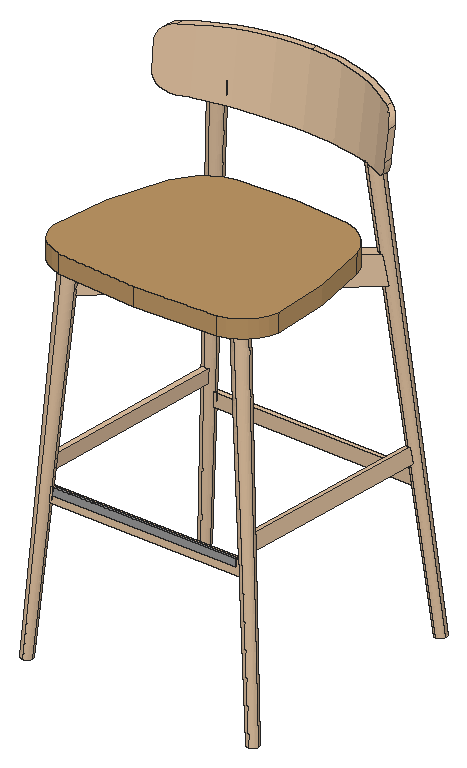
Revit family "FU_Stool_Sandler_Fly 4-1", category Furniture, Revit 2020
Family settings
  OmniClass Number = 23.40.20.00
  OmniClass Title = General Furniture and Specialties
  Work Plane-Based = No
  Always vertical = Yes
  Cut with Voids When Loaded = No
  Shared = No
  Room Calculation Point = No
Parameters (values of type "Fly 4.1")
  Width = 540 mm
  Upholstery = Fabric - Gravity - Sunni CPC20
  URL = "https://www.sandlerseating.com/product/fly-4-1/"
  Model = "Fly 4.1"
  Manufacturer = "Sandler"
  Height = 1080 mm
  Frame = Wood - Beech - Cherry Wood - V
  Description = "Counter Stool with a solid beech back and frame with an upholstered seat, fitted with a stainless steel kick-plate on the front footrest.\r\n\r\nProduced to custom height per customer specification, from 23.5”-29” seat height"
  Depth = 535 mm
  Default Elevation = 0 mm
Reference planes
  plane 1 "Center (Front/Back)": y = 0
  plane 2: z = 0
  plane 3 "Center (Left/Right)": x = 0
  plane 4 "Right": x = -270
  plane 5 "Left": x = 270
  plane 6 "Back": y = 267.5
  plane 7 "Front": y = -267.5
  plane 8 "Height": z = 1080
  plane 9 "Seat height": z = 770
  plane 10 "FL Angle RIGHT": through (4267.2, -247.189, 3.106) normal (0, -0.9986, 0.0523)
  plane 11 "BL Angle RIGHT": through (4267.2, 253.813, 6.762) normal (0, -0.9968, -0.0796)
  plane 12 "RBL Anglr FRONT": through (-257.943, -1524, 6.867) normal (-0.996, 0, 0.0898)
  plane 13: through (188.37, -1524, 783.473) normal (0.9971, 0, 0.0759)
  plane 14 "cross Angle RIGHT": through (4267.2, -181.288, 717.026) normal (0, 0.0523, 0.9986)
Forms (mm)
  Sweep 1, solid, material "Wood - Beech - Cherry Wood - V" <- "Frame"
    path origin (0, 0, 0) x (0, 1, 0) y (0, 0, 1)
      loop
        line (211.483, 893.134) -> (239.318, 1091.187)
    profile "Pro_Fly_back : Pro_Fly_back" origin (0, 225.4, 992.16) x (0, -0.990268, 0.139173) y (1, 0, 0)
      loop
        arc (114.642, 268.951) -> (-0.066, 0) -> (114.626, -268.958) r 372.681
        line (114.626, -268.958) -> (123.106, -260.478)
        arc (123.106, -260.478) -> (11.944, 0.039) -> (122.986, 260.608) r 361.047
        line (122.986, 260.608) -> (114.642, 268.951)
  Extrusion 2, void
    sketch origin (0, 0, 0) x (1, 0, 0) y (0, 0, 1)
      loop
        arc (0, 1075.598) -> (-115.054, 1076.734) -> (-230.061, 1080.196) r 5691.244
        arc (-230.061, 1080.196) -> (-248.857, 1073.596) -> (-258.008, 1055.902) r 26.995
        line (-258.008, 1055.902) -> (-255.802, 992.734)
        arc (-255.802, 992.734) -> (-246.214, 965.659) -> (-222.831, 948.98) r 47.759
        arc (-222.831, 948.98) -> (-112.201, 929.22) -> (0, 922.883) r 934.559
        arc (0, 922.883) -> (112.201, 929.22) -> (222.831, 948.98) r 934.559
        arc (222.831, 948.98) -> (246.214, 965.659) -> (255.802, 992.734) r 47.759
        line (255.802, 992.734) -> (258.008, 1055.902)
        arc (258.008, 1055.902) -> (248.857, 1073.596) -> (230.061, 1080.196) r 26.995
        arc (230.061, 1080.196) -> (115.054, 1076.734) -> (0, 1075.598) r 5691.244
      loop
        line (-290.391, 1143.375) -> (-290.391, 868.375) -> (294.609, 868.375) -> (294.609, 1143.375) -> (-290.391, 1143.375)
    from -267.5 to -69.622
  SweptBlend 3, solid, material "Wood - Beech - Cherry Wood - V" <- "Frame"
    path origin (0, -246.675, 12.928) x (0, -0.052336, -0.99863) y (1, 0, 0)
      loop
        line (21.674, 248.655) -> (-776.014, 187.881)
    profile "Pro_Circles : 24mm" origin (248.655, -247.809, -8.717) x (-0.99711, -0.003976, -0.075863) y (0, -0.99863, 0.052336)
      loop
        arc (-11.967, 0.067) -> (-8.529, -8.434) -> (-0.067, -11.967) r 11.901
        arc (-0.067, -11.967) -> (8.482, -8.482) -> (11.967, 0.067) r 11.901
        arc (11.967, 0.067) -> (8.434, 8.529) -> (-0.067, 11.967) r 11.901
        arc (-0.067, 11.967) -> (-8.481, 8.481) -> (-11.967, 0.067) r 11.9
    end profile "Pro_Circles : 36mm" origin (187.881, -206.061, 787.878) x (-0.99711, -0.003976, -0.075863) y (0, -0.99863, 0.052336)
      loop
        arc (-17.967, 0.067) -> (-12.771, -12.677) -> (-0.066, -17.967) r 17.901
        arc (-0.066, -17.967) -> (12.725, -12.725) -> (17.967, 0.067) r 17.901
        arc (17.967, 0.067) -> (12.677, 12.771) -> (-0.067, 17.967) r 17.9
        arc (-0.067, 17.967) -> (-12.724, 12.724) -> (-17.967, 0.067) r 17.9
  SweptBlend 4, solid, material "Wood - Beech - Cherry Wood - V" <- "Frame"
    path origin (0, 252.742, 20.172) x (0, 0.079561, -0.99683) y (1, 0, 0)
      loop
        line (29.008, -259.49) -> (-1016.727, -164.946)
    profile "Pro_Circles : 24mm" origin (-259.49, 255.05, -8.743) x (-0.995938, -0.007164, 0.089757) y (0, -0.99683, -0.079561)
      loop
        arc (-11.967, 0.067) -> (-8.529, -8.434) -> (-0.067, -11.967) r 11.901
        arc (-0.067, -11.967) -> (8.482, -8.482) -> (11.967, 0.067) r 11.901
        arc (11.967, 0.067) -> (8.434, 8.529) -> (-0.067, 11.967) r 11.901
        arc (-0.067, 11.967) -> (-8.481, 8.481) -> (-11.967, 0.067) r 11.9
    end profile "Pro_Circles : 36mm" origin (-164.946, 171.85, 1033.677) x (-0.995938, -0.007164, 0.089757) y (0, -0.99683, -0.079561)
      loop
        arc (-17.967, 0.067) -> (-12.771, -12.677) -> (-0.066, -17.967) r 17.901
        arc (-0.066, -17.967) -> (12.725, -12.725) -> (17.967, 0.067) r 17.901
        arc (17.967, 0.067) -> (12.677, 12.771) -> (-0.067, 17.967) r 17.9
        arc (-0.067, 17.967) -> (-12.724, 12.724) -> (-17.967, 0.067) r 17.9
  Sweep 5, void
    path origin (0, 0, 0) x (0, 1, 0) y (0, 0, 1)
      loop
        line (216.668, 929.556) -> (237.194, 1075.598)
    profile "Pro_Fly_back_void : Pro_Fly_back_void" origin (0, 226.931, 1002.577) x (0, -0.990267, 0.13918) y (1, 0, 0)
      loop
        line (60.774, -126.387) -> (32.441, -137.87)
        arc (32.441, -137.87) -> (46.411, -168.621) -> (63.108, -197.982) r 372.681
        line (63.108, -197.982) -> (92.912, -185.903)
        arc (92.912, -185.903) -> (78.429, -155.289) -> (60.774, -126.387) r 318.098
  SweptBlend 6, solid, material "Wood - Beech - Cherry Wood - V" <- "Frame"
    path origin (0, -246.675, 12.928) x (0, -0.052336, -0.99863) y (-1, 0, 0)
      loop
        line (16.689, 248.275) -> (-776.014, 187.881)
    profile "Pro_Circles : 24mm" origin (-248.275, -247.548, -3.738) x (-0.99711, 0.003976, 0.075863) y (0, -0.99863, 0.052336)
      loop
        arc (11.967, 0.067) -> (8.481, 8.481) -> (0.067, 11.967) r 11.9
        arc (0.067, 11.967) -> (-8.434, 8.529) -> (-11.967, 0.067) r 11.901
        arc (-11.967, 0.067) -> (-8.482, -8.482) -> (0.067, -11.967) r 11.901
        arc (0.067, -11.967) -> (8.529, -8.434) -> (11.967, 0.067) r 11.901
    end profile "Pro_Circles : 36mm" origin (-187.881, -206.061, 787.878) x (-0.99711, 0.003976, 0.075863) y (0, -0.99863, 0.052336)
      loop
        arc (17.967, 0.067) -> (12.724, 12.724) -> (0.067, 17.967) r 17.9
        arc (0.067, 17.967) -> (-12.677, 12.771) -> (-17.967, 0.067) r 17.9
        arc (-17.967, 0.067) -> (-12.725, -12.725) -> (0.066, -17.967) r 17.901
        arc (0.066, -17.967) -> (12.771, -12.677) -> (17.967, 0.067) r 17.901
  SweptBlend 7, solid, material "Wood - Beech - Cherry Wood - V" <- "Frame"
    path origin (0, 252.742, 20.172) x (0, 0.079561, -0.99683) y (-1, 0, 0)
      loop
        line (25.974, -259.216) -> (-1016.727, -164.946)
    profile "Pro_Circles : 24mm" origin (259.216, 254.809, -5.719) x (-0.995938, 0.007164, -0.089757) y (0, -0.99683, -0.079561)
      loop
        arc (11.967, 0.067) -> (8.481, 8.481) -> (0.067, 11.967) r 11.9
        arc (0.067, 11.967) -> (-8.434, 8.529) -> (-11.967, 0.067) r 11.901
        arc (-11.967, 0.067) -> (-8.482, -8.482) -> (0.067, -11.967) r 11.901
        arc (0.067, -11.967) -> (8.529, -8.434) -> (11.967, 0.067) r 11.901
    end profile "Pro_Circles : 36mm" origin (164.946, 171.85, 1033.677) x (-0.995938, 0.007164, -0.089757) y (0, -0.99683, -0.079561)
      loop
        arc (17.967, 0.067) -> (12.724, 12.724) -> (0.067, 17.967) r 17.9
        arc (0.067, 17.967) -> (-12.677, 12.771) -> (-17.967, 0.067) r 17.9
        arc (-17.967, 0.067) -> (-12.725, -12.725) -> (0.066, -17.967) r 17.901
        arc (0.066, -17.967) -> (12.771, -12.677) -> (17.967, 0.067) r 17.901
  Sweep 8, void
    path origin (0, 0, 0) x (0, 1, 0) y (0, 0, -1)
      loop
        line (216.689, -929.705) -> (237.226, -1075.821)
    profile "Pro_Fly_back_void : Pro_Fly_back_void" origin (0, 226.957, 1002.763) x (0, 0.990267, -0.13918) y (-1, 0, 0)
      loop
        arc (-60.774, -126.387) -> (-78.429, -155.289) -> (-92.912, -185.903) r 318.098
        line (-92.912, -185.903) -> (-63.108, -197.982)
        arc (-63.108, -197.982) -> (-46.411, -168.621) -> (-32.441, -137.87) r 372.681
        line (-32.441, -137.87) -> (-60.774, -126.387)
  Extrusion 9, solid, material "Fabric - Gravity - Sunni CPC20" <- "Upholstery"
    sketch origin (0, 0, 0) x (0, 1, 0) y (0, 0, 1)
      loop
        line (-267.5, 822.529) -> (-267.5, 783.229) -> (182.377, 759.652) -> (184.431, 798.844) -> (-267.5, 822.529)
    from -250 to 249.991
  Extrusion 10, void
    sketch origin (0, 0, 770) x (-1, 0, 0) y (0, -1, 0)
      loop
        arc (0, -178.748) -> (60.575, -176.673) -> (120.849, -170.298) r 852.253
        arc (120.849, -170.298) -> (173.465, -141.124) -> (206.238, -90.671) r 124.4
        arc (206.238, -90.671) -> (237.157, 40.73) -> (246.922, 175.366) r 851.531
        arc (246.922, 175.366) -> (223.067, 226.234) -> (173.988, 253.578) r 91.518
        arc (173.988, 253.578) -> (87.193, 262.298) -> (0, 264.916) r 1244.223
        arc (0, 264.916) -> (-87.193, 262.298) -> (-173.988, 253.578) r 1244.223
        arc (-173.988, 253.578) -> (-223.067, 226.234) -> (-246.922, 175.366) r 91.518
        arc (-246.922, 175.366) -> (-237.157, 40.73) -> (-206.238, -90.671) r 851.531
        arc (-206.238, -90.671) -> (-173.465, -141.124) -> (-120.849, -170.298) r 124.4
        arc (-120.849, -170.298) -> (-60.575, -176.673) -> (0, -178.748) r 852.253
      loop
        line (270, -204.479) -> (270, 280.303) -> (-270, 280.303) -> (-270, -204.479) -> (270, -204.479)
    from -20.025 to 60.141
  Extrusion 11, solid, material "Wood - Beech - Cherry Wood - V" <- "Frame"
    sketch origin (0, 36.978, 705.587) x (0, -0.99863, 0.052336) y (1, 0, 0)
      loop
        line (-148.348, -202.724) -> (45.533, -15.495) -> (239.755, -203.053) -> (257.433, -185.375) -> (61.025, 0) -> (257.433, 185.375) -> (239.755, 203.053) -> (45.533, 15.495) -> (-148.348, 202.724) -> (-167.547, 183.525) -> (29.488, 0) -> (-167.547, -183.525) -> (-148.348, -202.724)
    from 0 to 61.601
  Extrusion 12, solid, material "Wood - Beech - Cherry Wood - V" <- "Frame"
    sketch origin (0, 0, 0) x (0, 1, 0) y (0, 0, 1)
      loop
        line (-234.387, 343.413) -> (-236.032, 312.027) -> (-226.12, 311.507) -> (-224.476, 342.893) -> (-234.387, 343.413)
    from -222 to 222
  Extrusion 13, solid, material "Wood - Beech - Cherry Wood - V" <- "Frame"
    sketch origin (0, 499.524, 14.094) x (0, 0.991908, 0.126955) y (0, -0.126955, 0.991908)
      loop
        line (-234.387, 343.413) -> (-236.032, 312.027) -> (-226.12, 311.507) -> (-224.476, 342.893) -> (-234.387, 343.413)
    from -222 to 222
  Extrusion 14, solid, material "Wood - Beech - Cherry Wood - V" <- "Frame"
    sketch origin (47.084, 0, -23.555) x (0, 1, 0) y (-0.118313, 0, 0.992976)
      loop
        line (-229.696, 394.438) -> (-230.992, 361.961) -> (229.83, 343.558) -> (231.127, 376.034) -> (-229.696, 394.438)
    from 216 to 226
  Extrusion 15, solid, material "Wood - Beech - Cherry Wood - V" <- "Frame"
    sketch origin (-47.084, 0, -23.555) x (0, 1, 0) y (-0.118313, 0, -0.992976)
      loop
        line (-229.696, -394.438) -> (231.127, -376.034) -> (229.83, -343.558) -> (-230.992, -361.961) -> (-229.696, -394.438)
    from 216 to 226
  Extrusion 16, void
    sketch origin (0, 0, 0) x (1, 0, 0) y (0, 1, 0)
      loop
        line (-270, -267.5) -> (-222, -267.5) -> (-222, -224.476) -> (-270, -224.476) -> (-270, -267.5)
    from 0 to -20
  Extrusion 17, void
    sketch origin (0, 0, 0) x (-1, 0, 0) y (0, -1, 0)
      loop
        line (-270, 267.5) -> (-270, 224.476) -> (-222, 224.476) -> (-222, 267.5) -> (-270, 267.5)
    from 0 to -20
  Extrusion 18, void
    sketch origin (0, 0, 0) x (1, 0, 0) y (0, 1, 0)
      loop
        line (-279.763, 276.51) -> (-279.763, 231.51) -> (-234.763, 231.51) -> (-234.763, 276.51) -> (-279.763, 276.51)
    from 0 to -20
  Extrusion 19, void
    sketch origin (0, 0, 0) x (-1, 0, 0) y (0, -1, 0)
      loop
        line (-279.763, -276.51) -> (-234.763, -276.51) -> (-234.763, -231.51) -> (-279.763, -231.51) -> (-279.763, -276.51)
    from 0 to -20
  Extrusion 20, solid, material "Stainless Steel AISI 304"
    sketch origin (0, 0, 0) x (0, 1, 0) y (0, 0, 1)
      loop
        line (-234.7, 343.725) -> (-235.537, 327.747) -> (-234.491, 327.747) -> (-233.706, 342.727) -> (-229.797, 342.522) -> (-229.797, 343.468) -> (-234.7, 343.725)
    from -200 to 200
Cuts and joins
  Extrusion 2 cuts Sweep 1
  Sweep 5, Extrusion 18 cuts SweptBlend 4
  Sweep 8, Extrusion 19 cuts SweptBlend 7
  Extrusion 10 cuts Extrusion 9
  Extrusion 16, Extrusion 17 cuts SweptBlend 6
  Extrusion 17 cuts SweptBlend 3
Dimensions and locks
  equal spacing: plane 4 "Right", plane 3 "Center (Left/Right)", plane 5 "Left"
  "Width": plane 4 "Right" to plane 5 "Left"
  equal spacing: plane 6 "Back", plane 1 "Center (Front/Back)", plane 7 "Front"
  "Depth": plane 6 "Back" to plane 7 "Front"
  "Height": plane 8 "Height" to level
  plane 9 "Seat height" to level = 770 mm
  aligned and locked: level to plane 2
Automatic sketch dimensions
  Sweep 1 sketch curve to plane 6 "Back" = 56.017 mm
  plane 9 "Seat height" to Sweep 1 sketch curve = 123.134 mm
  plane 8 "Height" to Sweep 1 sketch curve = 11.187 mm
  Sweep 1 sketch curve to plane 6 "Back" = 28.182 mm
  Extrusion 2 sketch curve to plane 3 "Center (Left/Right)" = 0 mm  (x2)
  Extrusion 2 sketch curve to plane 3 "Center (Left/Right)" = 1.33 mm
  Extrusion 2 sketch curve to plane 3 "Center (Left/Right)" = 3.495 mm
  Extrusion 2 sketch curve to plane 4 "Right" = 61.927 mm
  Extrusion 2 sketch curve to plane 4 "Right" = 38.854 mm
  Extrusion 2 sketch curve to plane 4 "Right" = 14.198 mm
  Extrusion 2 sketch curve to plane 4 "Right" = 11.992 mm
  plane 4 "Right" to Extrusion 2 sketch curve = 20.391 mm
  plane 3 "Center (Left/Right)" to Extrusion 2 sketch curve = 1.33 mm
  plane 3 "Center (Left/Right)" to Extrusion 2 sketch curve = 3.495 mm
  plane 5 "Left" to Extrusion 2 sketch curve = 61.927 mm
  plane 5 "Left" to Extrusion 2 sketch curve = 38.854 mm
  plane 5 "Left" to Extrusion 2 sketch curve = 14.198 mm
  plane 5 "Left" to Extrusion 2 sketch curve = 11.992 mm
  Extrusion 2 sketch curve to plane 5 "Left" = 24.609 mm
  plane 9 "Seat height" to Extrusion 2 sketch curve = 98.375 mm
  Extrusion 2 sketch curve to plane 8 "Height" = 87.266 mm  (x2)
  Extrusion 2 sketch curve to Extrusion 2 sketch curve = 1.667 mm  (x2)
  Extrusion 2 sketch curve to plane 8 "Height" = 26.777 mm  (x2)
  Extrusion 2 sketch curve to plane 8 "Height" = 24.098 mm  (x2)
  plane 8 "Height" to Extrusion 2 sketch curve = 63.375 mm
  Extrusion 2 sketch curve to Extrusion 2 sketch curve = 714.061 mm
  Extrusion 2 sketch curve to Extrusion 2 sketch curve = 0 mm  (x3)
  Extrusion 2 sketch curve to Extrusion 2 sketch curve = 4909.406 mm
  Extrusion 2 sketch curve to plane 4 "Right" = 47.169 mm
  plane 14 "cross Angle RIGHT" to SweptBlend 3 sketch curve = 69.458 mm
  plane 5 "Left" to SweptBlend 3 sketch curve = 82.119 mm
  plane 5 "Left" to SweptBlend 3 sketch curve = 21.345 mm
  SweptBlend 3 sketch curve to plane 14 "cross Angle RIGHT" = 728.23 mm
  SweptBlend 4 sketch curve to plane 4 "Right" = 105.054 mm
  SweptBlend 4 sketch curve to plane 4 "Right" = 10.51 mm
  SweptBlend 4 sketch curve to SweptBlend 4 sketch curve = 1045.735 mm
  Sweep 5 sketch curve to plane 6 "Back" = 50.832 mm
  Sweep 5 sketch curve to plane 8 "Height" = 150.444 mm
  Sweep 5 sketch curve to plane 8 "Height" = 4.402 mm
  Sweep 5 sketch curve to plane 6 "Back" = 30.306 mm
  SweptBlend 6 sketch curve to plane 14 "cross Angle RIGHT" = 69.458 mm
  plane 4 "Right" to SweptBlend 6 sketch curve = 82.119 mm
  plane 4 "Right" to SweptBlend 6 sketch curve = 21.725 mm
  plane 14 "cross Angle RIGHT" to SweptBlend 6 sketch curve = 723.244 mm
  SweptBlend 7 sketch curve to plane 5 "Left" = 105.054 mm
  SweptBlend 7 sketch curve to plane 5 "Left" = 10.784 mm
  SweptBlend 7 sketch curve to SweptBlend 7 sketch curve = 1042.701 mm
  Sweep 8 sketch curve to plane 6 "Back" = 50.811 mm
  Sweep 8 sketch curve to plane 8 "Height" = 4.179 mm
  Sweep 8 sketch curve to plane 6 "Back" = 30.274 mm
  Sweep 8 sketch curve to Sweep 8 sketch curve = 146.116 mm
  Extrusion 9 sketch curve to plane 7 "Front" = 0 mm
  Extrusion 9 sketch curve to plane 9 "Seat height" = 10.348 mm
  Extrusion 9 sketch curve to plane 6 "Back" = 85.123 mm
  plane 9 "Seat height" to Extrusion 9 sketch curve = 28.844 mm
  Extrusion 9 sketch curve to Extrusion 9 sketch curve = 2.054 mm
  Extrusion 10 sketch curve to plane 5 "Left" = 0 mm
  Extrusion 10 sketch curve to plane 3 "Center (Left/Right)" = 0 mm  (x2)
  Extrusion 10 sketch curve to plane 4 "Right" = 0 mm
  plane 7 "Front" to Extrusion 10 sketch curve = 98.046 mm  (x2)
  Extrusion 10 sketch curve to plane 5 "Left" = 334.589 mm
  plane 5 "Left" to Extrusion 10 sketch curve = 113.865 mm
  Extrusion 10 sketch curve to plane 1 "Center (Front/Back)" = 50.144 mm  (x2)
  plane 3 "Center (Left/Right)" to Extrusion 10 sketch curve = 88.624 mm
  plane 3 "Center (Left/Right)" to Extrusion 10 sketch curve = 6.286 mm
  plane 3 "Center (Left/Right)" to Extrusion 10 sketch curve = 1.125 mm
  Extrusion 10 sketch curve to plane 3 "Center (Left/Right)" = 1.125 mm
  Extrusion 10 sketch curve to plane 3 "Center (Left/Right)" = 6.286 mm
  Extrusion 10 sketch curve to plane 3 "Center (Left/Right)" = 88.624 mm
  Extrusion 10 sketch curve to plane 4 "Right" = 113.865 mm
  plane 4 "Right" to Extrusion 10 sketch curve = 334.589 mm
  Extrusion 10 sketch curve to plane 6 "Back" = 63.021 mm
  plane 6 "Back" to Extrusion 10 sketch curve = 711.791 mm
  Extrusion 10 sketch curve to Extrusion 10 sketch curve = 0 mm  (x2)
  plane 7 "Front" to Extrusion 10 sketch curve = 103.681 mm
  plane 1 "Center (Front/Back)" to Extrusion 10 sketch curve = 163.819 mm
  Extrusion 10 sketch curve to plane 7 "Front" = 12.803 mm
  Extrusion 10 sketch curve to plane 7 "Front" = 406.003 mm
  plane 5 "Left" to Extrusion 10 sketch curve = 23.078 mm
  plane 5 "Left" to Extrusion 10 sketch curve = 63.762 mm
  plane 7 "Front" to Extrusion 10 sketch curve = 13.922 mm  (x2)
  Extrusion 10 sketch curve to Extrusion 10 sketch curve = 17.853 mm
  Extrusion 10 sketch curve to plane 6 "Back" = 97.202 mm  (x2)
  Extrusion 10 sketch curve to plane 4 "Right" = 63.762 mm
  Extrusion 11 sketch curve to plane 3 "Center (Left/Right)" = 0 mm  (x2)
  plane 5 "Left" to Extrusion 11 sketch curve = 86.475 mm
  Extrusion 11 sketch curve to plane 10 "FL Angle RIGHT" = 414.56 mm
  Extrusion 11 sketch curve to plane 4 "Right" = 86.475 mm
  Extrusion 11 sketch curve to Extrusion 11 sketch curve = 0 mm
  Extrusion 11 sketch curve to plane 4 "Right" = 67.276 mm
  Extrusion 11 sketch curve to Extrusion 11 sketch curve = 19.199 mm  (x2)
  plane 5 "Left" to Extrusion 11 sketch curve = 67.276 mm
  Extrusion 11 sketch curve to plane 10 "FL Angle RIGHT" = 217.525 mm
  Extrusion 11 sketch curve to plane 3 "Center (Left/Right)" = 15.495 mm
  Extrusion 11 sketch curve to Extrusion 11 sketch curve = 16.046 mm  (x2)
  plane 3 "Center (Left/Right)" to Extrusion 11 sketch curve = 15.495 mm
  Extrusion 11 sketch curve to Extrusion 11 sketch curve = 15.491 mm
  Extrusion 11 sketch curve to plane 10 "FL Angle RIGHT" = 7.258 mm  (x2)
  plane 10 "FL Angle RIGHT" to Extrusion 11 sketch curve = 10.42 mm  (x2)
  Extrusion 11 sketch curve to plane 4 "Right" = 66.947 mm
  Extrusion 11 sketch curve to Extrusion 11 sketch curve = 17.678 mm  (x2)
  plane 5 "Left" to Extrusion 11 sketch curve = 84.625 mm
  plane 7 "Front" to Extrusion 12 sketch curve = 31.468 mm
  Extrusion 12 sketch curve to Extrusion 12 sketch curve = 1.645 mm
  Extrusion 12 sketch curve to Extrusion 12 sketch curve = 9.912 mm
  level to Extrusion 12 sketch curve = 311.507 mm
  Extrusion 12 sketch curve to Extrusion 12 sketch curve = 0.519 mm
  plane 11 "BL Angle RIGHT" to Extrusion 13 sketch curve = 5.112 mm
  Extrusion 13 sketch curve to plane 6 "Back" = 41.712 mm
  Extrusion 13 sketch curve to Extrusion 13 sketch curve = 1.645 mm
  Extrusion 13 sketch curve to Extrusion 13 sketch curve = 9.912 mm
  Extrusion 13 sketch curve to Extrusion 13 sketch curve = 0.519 mm
  plane 7 "Front" to Extrusion 14 sketch curve = 36.508 mm
  Extrusion 14 sketch curve to Extrusion 14 sketch curve = 1.297 mm
  Extrusion 14 sketch curve to plane 6 "Back" = 37.67 mm
  Extrusion 14 sketch curve to Extrusion 14 sketch curve = 18.403 mm
  plane 7 "Front" to Extrusion 15 sketch curve = 36.508 mm
  Extrusion 15 sketch curve to Extrusion 15 sketch curve = 1.297 mm
  Extrusion 15 sketch curve to plane 6 "Back" = 37.67 mm
  Extrusion 15 sketch curve to Extrusion 15 sketch curve = 18.403 mm
  Extrusion 16 sketch curve to plane 4 "Right" = 0 mm
  Extrusion 16 sketch curve to plane 7 "Front" = 0 mm
  Extrusion 16 sketch curve to plane 4 "Right" = 48 mm
  plane 7 "Front" to Extrusion 16 sketch curve = 43.024 mm
  Extrusion 17 sketch curve to plane 5 "Left" = 0 mm
  Extrusion 17 sketch curve to plane 7 "Front" = 0 mm
  Extrusion 17 sketch curve to plane 5 "Left" = 48 mm
  Extrusion 17 sketch curve to Extrusion 17 sketch curve = 43.024 mm
  plane 4 "Right" to Extrusion 18 sketch curve = 9.763 mm
  Extrusion 18 sketch curve to plane 4 "Right" = 35.237 mm
  Extrusion 18 sketch curve to plane 6 "Back" = 35.99 mm
  plane 6 "Back" to Extrusion 18 sketch curve = 9.01 mm
  plane 5 "Left" to Extrusion 19 sketch curve = 9.763 mm
  Extrusion 19 sketch curve to plane 5 "Left" = 35.237 mm
  plane 6 "Back" to Extrusion 19 sketch curve = 35.99 mm
  Extrusion 19 sketch curve to plane 6 "Back" = 9.01 mm
  plane 7 "Front" to Extrusion 20 sketch curve = 31.963 mm
  Extrusion 20 sketch curve to Extrusion 20 sketch curve = 0.837 mm
  Extrusion 20 sketch curve to Extrusion 20 sketch curve = 1.047 mm
  Extrusion 20 sketch curve to Extrusion 20 sketch curve = 0.994 mm
  level to Extrusion 20 sketch curve = 327.747 mm
  Extrusion 20 sketch curve to Extrusion 20 sketch curve = 14.979 mm
  Extrusion 20 sketch curve to Extrusion 20 sketch curve = 0.999 mm
  Extrusion 20 sketch curve to Extrusion 20 sketch curve = 3.909 mm
